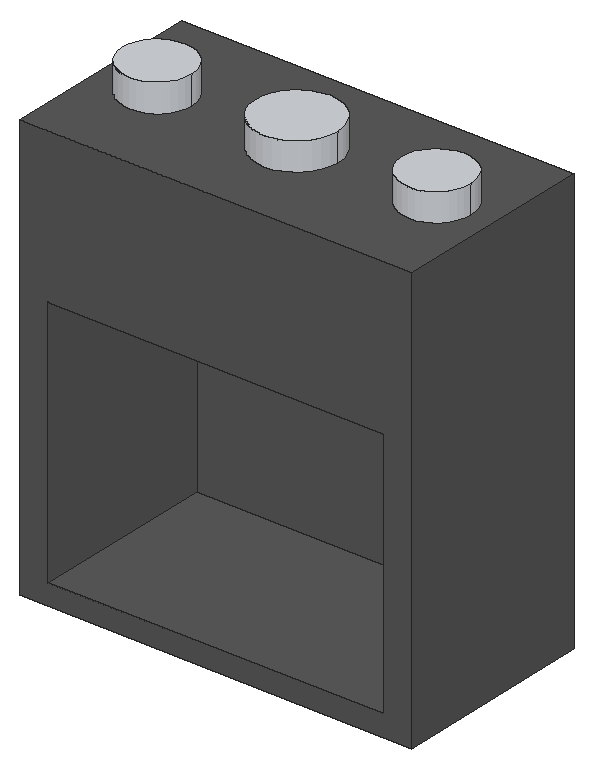
Revit family "montigo-commercial-single-sided-low-profile-fireplace-BF48", category Generic Models, Revit 2019
Family settings
  Can host rebar = No
  Round Connector Dimension = Use Diameter
  Part Type = Normal
  Work Plane-Based = No
  Always vertical = Yes
  Cut with Voids When Loaded = No
  Shared = No
  Room Calculation Point = No
Parameters
  URL = "https://www.montigo.com/"
  Model = ""
  Manufacturer Fax = ""
  Manufacturer Website = "https://www.montigo.com/"
  Manufacturer Phone - Toll Free = "800-378-3115"
  Manufacturer Phone = ""
  Manufacturer Address = "27342 Gloucester Way  Langley, BC, Canada   V4W 4A1"
  Manufacturer = "Montigo"
  Keynote = ""
  Glazing Tint = Glass - Montigo - Tint as Specified
  Frame Material = Metal - Montigo - Black
  Firebox Material = Metal - Montigo - White
  Description = "Montigo Fireplace as Specified"
Reference planes (in)
  plane 1 "Center (Front/Back)": y = 0
  plane 2: z = 0
  plane 3 "Center (Left/Right)": x = 0
Forms (in)
  Extrusion 1, solid, material "Metal - Montigo - Black" <- "Frame Material"
    sketch origin (15, -15, 0) x (1, 0, 0) y (0, 1, 0)
      loop
        line (-43, 29.5) -> (-43, 0.5) -> (13, 0.5) -> (13, 29.5) -> (-43, 29.5)
    from 0 to 61
  Extrusion 2, solid
    sketch origin (0, 0, 0) x (1, 0, 0) y (0, 1, 0)
      loop
        circle (0, 0) r 5.875
      loop
        circle (-20, 0) r 4.9375
      loop
        circle (20, 0) r 4.9375
    from 61 to 65
  Extrusion 3, void
    sketch origin (19.1875, -6.15625, 0) x (-1, 0, 0) y (0, 0, -1)
      loop
        line (43.1875, -39) -> (43.1875, -3) -> (-4.8125, -3) -> (-4.8125, -39) -> (43.1875, -39)
    from -18.24874 to 8.34375
Cuts and joins
  Extrusion 3 cuts Extrusion 1
Dimensions and locks (in)
  radius of Extrusion 2 sketch curve = 5 7/8"
  diameter of Extrusion 2 sketch curve = 11 3/4"
  aligned and locked: level to plane 2
Connectors (in)
  hvac at (0, 0, 65)
    settings: on Extrusion 2, index 2, duct flow 0.0 L/s, flow factor 0, pres drop 0.0 Pa, loss coef 0, conn angle 0.00°, conn width 304.8 mm, conn height 304.8 mm, conn diameter 298.45 mm, duct sys type 3, conn prof type 0, flow config 0, flow direction 0, loss method 0, conn ref index -1, conn util no, is conn primary yes, conn desc ""
  hvac at (-20, 0, 65)
    settings: on Extrusion 2, index 3, duct flow 0.0 L/s, flow factor 0, pres drop 0.0 Pa, loss coef 0, conn angle 0.00°, conn width 304.8 mm, conn height 304.8 mm, conn diameter 250.924 mm, duct sys type 3, conn prof type 0, flow config 0, flow direction 0, loss method 0, conn ref index -1, conn util no, is conn primary no, conn desc ""
  hvac at (20, 0, 65)
    settings: on Extrusion 2, index 4, duct flow 0.0 L/s, flow factor 0, pres drop 0.0 Pa, loss coef 0, conn angle 0.00°, conn width 304.8 mm, conn height 304.8 mm, conn diameter 250.924 mm, duct sys type 3, conn prof type 0, flow config 0, flow direction 0, loss method 0, conn ref index -1, conn util no, is conn primary no, conn desc ""
